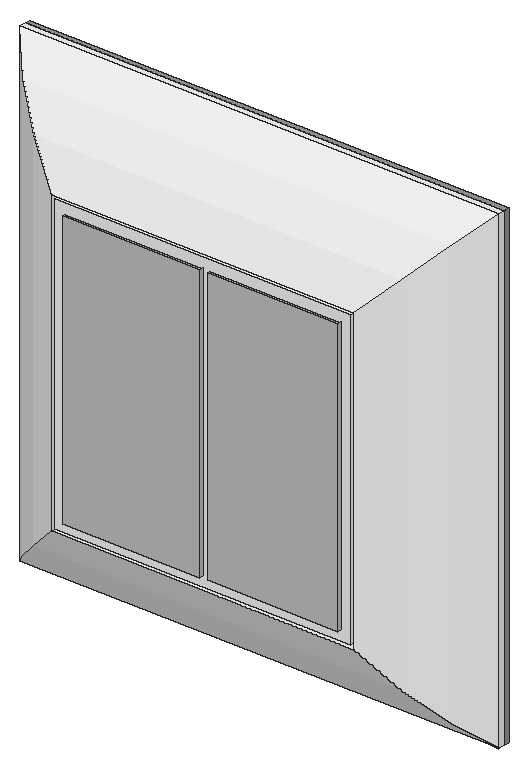
Revit family "Wireless Control Panel _185W", category Electrical Fixtures, Revit 2018
Family settings
  Maintain Annotation Orientation = No
  Round Connector Dimension = Use Diameter
  Part Type = Normal
  OmniClass Number = 23.80.00.00
  OmniClass Title = Electric Power and Lighting
  Work Plane-Based = Yes
  Always vertical = Yes
  Cut with Voids When Loaded = No
  Shared = No
  Room Calculation Point = No
Parameters (values of type "Wireless Control Panel")
  Wiring = "No wiring is required (power or communications"
  Wideband [instance] = "EN 300328"
  Storage temperature [instance] = "−25 °C to +65 °C"
  Safety [instance] = "EN 60950-1"
  SWITCH [instance] = yes
  Relative humidity [instance] = "Max. 95 %, noncondensing (dry environment only)"
  Output power [instance] = "0 dBm"
  Operating temperature [instance] = "−25 °C to +65 °C"
  Mounting = "Adhesive double-sided mounting pad (enclosed) or screwing onto flat surface using ⌀ 3 mm countersunk screws (not included"
  Model = "185W"
  Material = "Plastic, PC"
  Manufacturer = "Helvar"
  Lifetime = "Over 50,000 actuations (button presses) according to EN 60669 / VDE 0632"
  FRONT COVER [instance] = yes
  Electromagnetic [instance] = "EN 62479"
  EMC [instance] = "EN 301489-3\r\nEN 61000-3-2 \r\nEN 61000-3-3"
  Dimensions = "81 mm × 81 mm × 14 mm"
  Default Elevation = 0 mm
  Configuration technology [instance] = "NFC Forum Type 2 Tag (ISO/ IEC 14443 Parts 2 and 3)"
  Communication technology = "Bluetooth® Low Energy (2.4 GHz)"
  Colour = "White (RAL 9016)"
  CHASSIS [instance] = yes
  Antenna [instance] = "Integrated"
Reference planes
  plane 1 "Center (Front/Back)": y = 0
  plane 2: z = 0
  plane 3 "Center (Left/Right)": x = 0
  plane 4: x = -40.5
  plane 5: x = 40.5
  plane 6: z = 40.5
  plane 7: z = -40.5
  plane 8 "Center L/T": y = -14
Forms (mm)
  Sweep 1, solid, material "WHITE PLASTIC", visible <- "FRONT COVER"
    path origin (0, -4, 0) x (1, 0, 0) y (0, 0, 1)
      loop
        line (33, 33) -> (-33, 33) -> (-33, -33) -> (33, -33) -> (33, 33)
    profile origin (0, -4, 33) x (0, 0, -1) y (0, -1, 0)
      loop
        arc (7.5, 10) -> (-0.77, 4.966) -> (-7.5, -1.995) r 37.995
        line (-7.5, -1.995) -> (-7.5, -3.2) -> (7.5, -3.2) -> (7.5, 0) -> (7.5, 10)
  Extrusion 2, solid, material "WHITE PLASTIC"
    sketch origin (0, 0, 0) x (1, 0, 0) y (0, 0, 1)
      loop
        line (24.7, 5.443) -> (23.053, 5.443) -> (23.053, 20.772) -> (20.984, 22.841) -> (8.218, 22.841) -> (8.218, 24.441) -> (6.218, 24.441) -> (6.218, 22.841) -> (2.958, 22.841) -> (2.958, 24.441) -> (-2.958, 24.441) -> (-2.958, 22.841) -> (-6.218, 22.841) -> (-6.218, 24.441) -> (-8.19, 24.441) -> (-8.19, 22.841) -> (-20.984, 22.841) -> (-23.053, 20.772) -> (-23.053, 5.443) -> (-24.7, 5.443) -> (-24.7, -5.443) -> (-23.053, -5.443) -> (-23.053, -20.772) -> (-20.984, -22.841) -> (-8.218, -22.841) -> (-8.218, -24.441) -> (-6.218, -24.441) -> (-6.218, -22.841) -> (-2.958, -22.841) -> (-2.958, -24.441) -> (2.958, -24.441) -> (2.958, -22.841) -> (6.218, -22.841) -> (6.218, -24.441) -> (8.018, -24.441) -> (8.018, -22.841) -> (20.984, -22.841) -> (23.053, -20.772) -> (23.053, -5.443) -> (24.7, -5.443) -> (24.7, 5.443)
      loop
        line (-10.018, 24.341) -> (-21.606, 24.341) -> (-24.553, 21.393) -> (-24.553, 8.443) -> (-26.2, 8.443) -> (-26.2, -8.443) -> (-24.553, -8.443) -> (-24.553, -21.393) -> (-21.606, -24.341) -> (-10.018, -24.341) -> (-10.018, -25.941) -> (10.018, -25.941) -> (10.018, -24.341) -> (21.606, -24.341) -> (24.553, -21.393) -> (24.553, -8.443) -> (26.2, -8.443) -> (26.2, 8.443) -> (24.553, 8.443) -> (24.553, 21.393) -> (21.606, 24.341) -> (10.018, 24.341) -> (10.018, 25.941) -> (-10.018, 25.941) -> (-10.018, 24.341)
    from 0.8 to 11.078
  Extrusion 3, solid, material "STEEL PLATE", visible <- "CHASSIS"
    sketch origin (0, 0, 0) x (1, 0, 0) y (0, 0, 1)
      loop
        line (-40.5, 40.5) -> (-40.5, -40.5) -> (40.5, -40.5) -> (40.5, 40.5) -> (-40.5, 40.5)
      loop
        arc (-35.398, 2.049) -> (-36.189, 2.84) -> (-36.979, 2.049) r 0.791
        line (-36.979, 2.049) -> (-36.979, -2.049)
        arc (-36.979, -2.049) -> (-36.189, -2.84) -> (-35.398, -2.049) r 0.791
        line (-35.398, -2.049) -> (-35.398, 2.049)
      loop
        arc (-35.204, -32.679) -> (-36.322, -32.679) -> (-36.322, -33.798) r 0.791
        line (-36.322, -33.798) -> (-33.424, -36.696)
        arc (-33.424, -36.696) -> (-32.306, -36.696) -> (-32.306, -35.577) r 0.791
        line (-32.306, -35.577) -> (-35.204, -32.679)
      loop
        line (35.398, 2.049) -> (35.398, -2.049)
        arc (35.398, -2.049) -> (36.189, -2.84) -> (36.979, -2.049) r 0.791
        line (36.979, -2.049) -> (36.979, 2.049)
        arc (36.979, 2.049) -> (36.189, 2.84) -> (35.398, 2.049) r 0.791
      loop
        line (35.204, -32.679) -> (32.306, -35.577)
        arc (32.306, -35.577) -> (32.306, -36.696) -> (33.424, -36.696) r 0.791
        line (33.424, -36.696) -> (36.322, -33.798)
        arc (36.322, -33.798) -> (36.322, -32.679) -> (35.204, -32.679) r 0.791
      loop
        line (-35.204, 32.679) -> (-32.306, 35.577)
        arc (-32.306, 35.577) -> (-32.306, 36.696) -> (-33.424, 36.696) r 0.791
        line (-33.424, 36.696) -> (-36.322, 33.798)
        arc (-36.322, 33.798) -> (-36.322, 32.679) -> (-35.204, 32.679) r 0.791
      loop
        arc (35.204, 32.679) -> (36.322, 32.679) -> (36.322, 33.798) r 0.791
        line (36.322, 33.798) -> (33.424, 36.696)
        arc (33.424, 36.696) -> (32.306, 36.696) -> (32.306, 35.577) r 0.791
        line (32.306, 35.577) -> (35.204, 32.679)
      loop
        arc (2.049, -34.878) -> (2.84, -34.087) -> (2.049, -33.296) r 0.791
        line (2.049, -33.296) -> (-2.049, -33.296)
        arc (-2.049, -33.296) -> (-2.84, -34.087) -> (-2.049, -34.878) r 0.791
        line (-2.049, -34.878) -> (2.049, -34.878)
      loop
        line (2.049, 34.878) -> (-2.049, 34.878)
        arc (-2.049, 34.878) -> (-2.84, 34.087) -> (-2.049, 33.296) r 0.791
        line (-2.049, 33.296) -> (2.049, 33.296)
        arc (2.049, 33.296) -> (2.84, 34.087) -> (2.049, 34.878) r 0.791
      loop
        line (-22.02, 25.341) -> (-25.553, 21.807) -> (-25.553, 9.443) -> (-27.2, 9.443) -> (-27.2, -9.443) -> (-25.553, -9.443) -> (-25.553, -21.807) -> (-22.02, -25.341) -> (-11.018, -25.341) -> (-11.018, -27.741) -> (-9.818, -27.741) -> (-9.818, -30.812) -> (-5.018, -30.812) -> (-5.018, -27.741) -> (5.018, -27.741) -> (5.018, -30.812) -> (9.818, -30.812) -> (9.818, -27.741) -> (11.018, -27.741) -> (11.018, -25.341) -> (22.02, -25.341) -> (25.553, -21.807) -> (25.553, -9.443) -> (27.2, -9.443) -> (27.2, 9.443) -> (25.553, 9.443) -> (25.553, 21.807) -> (22.02, 25.341) -> (11.018, 25.341) -> (11.018, 27.741) -> (9.818, 27.741) -> (9.818, 30.812) -> (5.018, 30.812) -> (5.018, 27.741) -> (-5.018, 27.741) -> (-5.018, 30.812) -> (-9.818, 30.812) -> (-9.818, 27.741) -> (-11.018, 27.741) -> (-11.018, 25.341) -> (-22.02, 25.341)
    from 0 to 0.8
  Extrusion 4, solid, material "WHITE PLASTIC", visible <- "SWITCH"
    sketch origin (0, -12.442, 0.625) x (1, 0, 0) y (0, 0, 1)
      loop
        line (-22.253, 4.018) -> (-21.072, 4.018) -> (-21.072, -5.268) -> (-22.253, -5.268) -> (-22.253, -21.065) -> (-20.653, -22.666) -> (-8.033, -22.666) -> (-8.033, -24.666) -> (-6.433, -24.666) -> (-6.433, -22.666) -> (-2.158, -22.666) -> (-2.158, -24.623) -> (2.158, -24.623) -> (2.158, -22.666) -> (6.463, -22.666) -> (6.463, -24.735) -> (8.014, -24.735) -> (8.014, -22.666) -> (20.653, -22.666) -> (22.253, -21.065) -> (22.253, -5.268) -> (21.065, -5.268) -> (21.065, 4.018) -> (22.253, 4.018) -> (22.253, 19.815) -> (20.653, 21.416) -> (8.014, 21.416) -> (8.014, 23.485) -> (6.463, 23.485) -> (6.463, 21.416) -> (2.158, 21.416) -> (2.158, 23.416) -> (-2.158, 23.416) -> (-2.158, 21.416) -> (-6.433, 21.416) -> (-6.433, 23.416) -> (-8.033, 23.416) -> (-8.033, 21.416) -> (-20.653, 21.416) -> (-22.253, 19.815) -> (-22.253, 4.018)
    from -12.285 to 0
  Extrusion 5, solid, material "WHITE PLASTIC(1)", visible <- "SWITCH"
    sketch origin (0, -12.442, 0) x (1, 0, 0) y (0, 0, 1)
      loop
        line (-23.3, 23.253) -> (-23.3, -23.3) -> (-0.025, -23.3) -> (-0.025, 23.253) -> (-23.3, 23.253)
      loop
        line (23.3, 23.253) -> (1.225, 23.253) -> (1.225, -23.3) -> (23.3, -23.3) -> (23.3, 23.253)
    from 0 to 2.142
  Extrusion 6, solid, material "WHITE PLASTIC", not visible
    sketch origin (0, -12.442, 0) x (1, 0, 0) y (0, 0, 1)
      loop
        line (-22.253, 4.018) -> (-21.072, 4.018) -> (-21.072, -5.268) -> (-22.253, -5.268) -> (-22.253, -21.065) -> (-20.653, -22.666) -> (-8.033, -22.666) -> (-8.033, -24.666) -> (-6.433, -24.666) -> (-6.433, -22.666) -> (-2.158, -22.666) -> (-2.158, -24.623) -> (2.158, -24.623) -> (2.158, -22.666) -> (6.463, -22.666) -> (6.463, -24.735) -> (8.014, -24.735) -> (8.014, -22.666) -> (20.653, -22.666) -> (22.253, -21.065) -> (22.253, -5.268) -> (21.065, -5.268) -> (21.065, 4.018) -> (22.253, 4.018) -> (22.253, 19.815) -> (20.653, 21.416) -> (8.014, 21.416) -> (8.014, 23.485) -> (6.463, 23.485) -> (6.463, 21.416) -> (2.158, 21.416) -> (2.158, 23.416) -> (-2.158, 23.416) -> (-2.158, 21.416) -> (-6.433, 21.416) -> (-6.433, 23.416) -> (-8.033, 23.416) -> (-8.033, 21.416) -> (-20.653, 21.416) -> (-22.253, 19.815) -> (-22.253, 4.018)
    from -12.285 to 0
  Extrusion 7, solid, material "WHITE PLASTIC", not visible
    sketch origin (0, -12.442, 0) x (1, 0, 0) y (0, 0, 1)
      loop
        line (-23.3, 23.253) -> (-23.3, -23.3) -> (-0.025, -23.3) -> (-0.025, 23.253) -> (-23.3, 23.253)
      loop
        line (23.3, 23.253) -> (1.225, 23.253) -> (1.225, -23.3) -> (23.3, -23.3) -> (23.3, 23.253)
    from 1.663 to 3.164
  Extrusion 8, solid, material "WHITE PLASTIC", not visible
    sketch origin (-21.065, -17.754, 19.375) x (1, 0, 0) y (0, 1, 0)
      loop
        line (-0.8, 7.433) -> (0, 7.433) -> (0, 9.116) -> (-2.23, 11.809) -> (-1.368, 11.809) -> (-2.879, 13.123) -> (-2.879, 11.339) -> (-0.8, 8.828) -> (-0.8, 7.433)
    from -23.822 to -15.969
  Extrusion 9, solid, material "WHITE PLASTIC"
    sketch origin (-25.5, -13.125, 25.5) x (1, 0, 0) y (0, 1, 0)
      loop
        arc (4.435, 10.227) -> (2.618, 12.045) -> (0.8, 10.227) r 1.818
        line (0.8, 10.227) -> (0.8, 9.355) -> (1.635, 9.355) -> (1.635, 10.227)
        arc (1.635, 10.227) -> (2.635, 11.227) -> (3.635, 10.227) r 1
        line (3.635, 10.227) -> (3.635, 6.879) -> (2.67, 6.879) -> (4.435, 4.748) -> (4.435, 10.227)
    from -29.322 to -21.469
  Extrusion 10, solid, material "WHITE PLASTIC", visible <- "SWITCH"
    sketch origin (21.065, -17.754, 20) x (-1, 0, 0) y (0, -1, 0)
      loop
        arc (0, -8.141) -> (-1.515, -6.626) -> (-3.03, -8.141) r 1.515
        line (-3.03, -8.141) -> (-3.03, -11.339) -> (-3.03, -13.253) -> (-1.368, -11.809) -> (-2.23, -11.809) -> (-2.23, -8.141)
        arc (-2.23, -8.141) -> (-1.515, -7.426) -> (-0.8, -8.141) r 0.715
        line (-0.8, -8.141) -> (-0.8, -9.116) -> (0, -9.116) -> (0, -8.141)
      loop
        line (42.137, -8.141) -> (42.137, -9.116) -> (42.929, -9.116) -> (42.929, -8.141)
        arc (42.929, -8.141) -> (43.644, -7.426) -> (44.359, -8.141) r 0.715
        line (44.359, -8.141) -> (44.359, -11.809) -> (43.497, -11.809) -> (45.159, -13.253) -> (45.159, -11.339) -> (45.159, -8.141)
        arc (45.159, -8.141) -> (43.648, -6.63) -> (42.137, -8.141) r 1.511
    from -23.822 to -15.969
  Extrusion 11, solid, material "WHITE PLASTIC", not visible
    sketch origin (21.065, -17.754, 19.375) x (-1, 0, 0) y (0, -1, 0)
      loop
        line (-0.8, -7.433) -> (-0.8, -8.828) -> (-2.879, -11.339) -> (-2.879, -13.123) -> (-1.368, -11.809) -> (-2.23, -11.809) -> (0, -9.116) -> (0, -7.433) -> (-0.8, -7.433)
    from -23.822 to -15.969
  Extrusion 12, solid, material "WHITE PLASTIC", visible <- "FRONT COVER"
    sketch origin (-25.5, -4, -25.5) x (1, 0, 0) y (0, 1, 0)
      loop
        line (0.5, -8.442) -> (0.5, -10) -> (50.475, -10) -> (50.475, -8.442) -> (0.5, -8.442)
    from 0.5 to 50.5
  Extrusion 13, solid, material "WHITE PLASTIC", not visible
    sketch origin (-25.5, -4, -26.125) x (1, 0, 0) y (0, 1, 0)
      loop
        line (0, -8.442) -> (0, -10) -> (51, -10) -> (51, -8.442) -> (0, -8.442)
    from 0 to 51
  Extrusion 14, solid, material "WHITE PLASTIC"
    sketch origin (25.503, -13.125, 25.5) x (-1, 0, 0) y (0, -1, 0)
      loop
        line (4.435, -10.227) -> (4.435, -4.748) -> (2.67, -6.879) -> (3.635, -6.879) -> (3.635, -10.227)
        arc (3.635, -10.227) -> (2.635, -11.227) -> (1.635, -10.227) r 1
        line (1.635, -10.227) -> (1.635, -9.355) -> (0.803, -9.355) -> (0.803, -10.227)
        arc (0.803, -10.227) -> (2.619, -12.043) -> (4.435, -10.227) r 1.816
    from -29.322 to -21.469
  Extrusion 15, solid, material "WHITE PLASTIC", visible <- "SWITCH", not visible
    sketch origin (0, -12.442, 0.625) x (1, 0, 0) y (0, 0, 1)
      loop
        line (-22.253, 4.018) -> (-21.072, 4.018) -> (-21.072, -5.268) -> (-22.253, -5.268) -> (-22.253, -21.065) -> (-20.653, -22.666) -> (-8.033, -22.666) -> (-8.033, -24.666) -> (-6.433, -24.666) -> (-6.433, -22.666) -> (-2.158, -22.666) -> (-2.158, -24.623) -> (2.158, -24.623) -> (2.158, -22.666) -> (6.463, -22.666) -> (6.463, -24.735) -> (8.014, -24.735) -> (8.014, -22.666) -> (20.653, -22.666) -> (22.253, -21.065) -> (22.253, -5.268) -> (21.065, -5.268) -> (21.065, 4.018) -> (22.253, 4.018) -> (22.253, 19.815) -> (20.653, 21.416) -> (8.014, 21.416) -> (8.014, 23.485) -> (6.463, 23.485) -> (6.463, 21.416) -> (2.158, 21.416) -> (2.158, 23.416) -> (-2.158, 23.416) -> (-2.158, 21.416) -> (-6.433, 21.416) -> (-6.433, 23.416) -> (-8.033, 23.416) -> (-8.033, 21.416) -> (-20.653, 21.416) -> (-22.253, 19.815) -> (-22.253, 4.018)
    from -12.285 to 0
  Extrusion 16, solid, material "WHITE PLASTIC", visible <- "SWITCH", not visible
    sketch origin (0, -12.442, 0) x (1, 0, 0) y (0, 0, 1)
      loop
        line (-23.3, 23.253) -> (-23.3, -23.3) -> (-0.025, -23.3) -> (-0.025, 23.253) -> (-23.3, 23.253)
      loop
        line (23.3, 23.253) -> (1.225, 23.253) -> (1.225, -23.3) -> (23.3, -23.3) -> (23.3, 23.253)
    from 0 to 2.142
  Extrusion 17, solid, material "WHITE PLASTIC", visible <- "SWITCH", not visible
    sketch origin (21.065, -17.754, 20) x (-1, 0, 0) y (0, -1, 0)
      loop
        arc (0, -8.141) -> (-1.515, -6.626) -> (-3.03, -8.141) r 1.515
        line (-3.03, -8.141) -> (-3.03, -11.339) -> (-3.03, -13.253) -> (-1.368, -11.809) -> (-2.23, -11.809) -> (-2.23, -8.141)
        arc (-2.23, -8.141) -> (-1.515, -7.426) -> (-0.8, -8.141) r 0.715
        line (-0.8, -8.141) -> (-0.8, -9.116) -> (0, -9.116) -> (0, -8.141)
      loop
        line (42.137, -8.141) -> (42.137, -9.116) -> (42.929, -9.116) -> (42.929, -8.141)
        arc (42.929, -8.141) -> (43.644, -7.426) -> (44.359, -8.141) r 0.715
        line (44.359, -8.141) -> (44.359, -11.809) -> (43.497, -11.809) -> (45.159, -13.253) -> (45.159, -11.339) -> (45.159, -8.141)
        arc (45.159, -8.141) -> (43.648, -6.63) -> (42.137, -8.141) r 1.511
    from -23.822 to -15.969
  Extrusion 18, solid, material "STEEL PLATE", visible <- "CHASSIS"
    sketch origin (0, -0.8, 0) x (1, 0, 0) y (0, 0, 1)
      loop
        line (10.018, 26.741) -> (-10.018, 26.741) -> (-10.018, 24.341) -> (-21.606, 24.341) -> (-24.553, 21.393) -> (-24.553, 8.443) -> (-26.2, 8.443) -> (-26.2, -8.443) -> (-24.553, -8.443) -> (-24.553, -21.393) -> (-21.606, -24.341) -> (-10.018, -24.341) -> (-10.018, -26.741) -> (10.018, -26.741) -> (10.018, -24.341) -> (21.606, -24.341) -> (24.553, -21.393) -> (24.553, -8.443) -> (26.2, -8.443) -> (26.2, 8.443) -> (24.553, 8.443) -> (24.553, 21.393) -> (21.606, 24.341) -> (10.018, 24.341) -> (10.018, 26.741)
      loop
        line (-11.018, 27.741) -> (-11.018, 25.341) -> (-22.02, 25.341) -> (-25.553, 21.807) -> (-25.553, 9.443) -> (-27.2, 9.443) -> (-27.2, -9.443) -> (-25.553, -9.443) -> (-25.553, -21.807) -> (-22.02, -25.341) -> (-11.018, -25.341) -> (-11.018, -27.741) -> (11.018, -27.741) -> (11.018, -25.341) -> (22.02, -25.341) -> (25.553, -21.807) -> (25.553, -9.443) -> (27.2, -9.443) -> (27.2, 9.443) -> (25.553, 9.443) -> (25.553, 21.807) -> (22.02, 25.341) -> (11.018, 25.341) -> (11.018, 27.741) -> (-11.018, 27.741)
    from 0 to 2.248
  Extrusion 19, solid, material "STEEL PLATE", visible <- "CHASSIS"
    sketch origin (10.018, -0.8, 27.741) x (1, 0, 0) y (0, 1, 0)
      loop
        line (-19.835, 0) -> (-19.835, -10) -> (-0.2, -10) -> (-0.2, 0) -> (-19.835, 0)
      loop
        line (-15.035, -4) -> (-15.035, -7) -> (-5, -7) -> (-5, -4) -> (-15.035, -4)
    from -1.25 to -1
  Extrusion 20, solid, material "STEEL PLATE", visible <- "CHASSIS"
    sketch origin (10.018, -0.8, -25.691) x (1, 0, 0) y (0, 1, 0)
      loop
        line (-19.835, 0) -> (-19.835, -10) -> (-0.2, -10) -> (-0.2, 0) -> (-19.835, 0)
      loop
        line (-15.035, -4) -> (-15.035, -7) -> (-5, -7) -> (-5, -4) -> (-15.035, -4)
    from -1.25 to -1
  Extrusion 21, solid, material "STEEL PLATE", visible <- "CHASSIS"
    sketch origin (9.818, 0, 26.92) x (0, -1, 0) y (0, 0, -1)
      loop
        line (10.8, 0.429) -> (10.8, 1.229) -> (0, 1.229) -> (0, 0.429) -> (0, -3.891) -> (0.8, -3.891) -> (0.8, 0.429) -> (10.8, 0.429)
      loop
        line (10.8, 53.632) -> (0.8, 53.632) -> (0.8, 57.732) -> (0, 57.732) -> (0, 52.832) -> (10.8, 52.832) -> (10.8, 53.632)
    from -4.8 to 0
  Extrusion 22, solid, material "WHITE PLASTIC(1)"
    sketch origin (0, -0.8, 0) x (-1, 0, 0) y (0, 0, 1)
      loop
        line (-10.018, 24.341) -> (-21.606, 24.341) -> (-24.553, 21.393) -> (-24.553, 8.443) -> (-26.2, 8.443) -> (-26.2, -8.443) -> (-24.553, -8.443) -> (-24.553, -21.393) -> (-21.606, -24.341) -> (-10.018, -24.341) -> (-10.018, -25.941) -> (10.018, -25.941) -> (10.018, -24.341) -> (21.606, -24.341) -> (24.553, -21.393) -> (24.553, -8.443) -> (26.2, -8.443) -> (26.2, 8.443) -> (24.553, 8.443) -> (24.553, 21.393) -> (21.606, 24.341) -> (10.018, 24.341) -> (10.018, 25.941) -> (-10.018, 25.941) -> (-10.018, 24.341)
    from 0 to 0.8
  Extrusion 23, solid, material "STEEL PLATE", visible <- "CHASSIS"
    sketch origin (9.818, 0, 26.92) x (0, -1, 0) y (0, 0, -1)
      loop
        line (10.8, 0.429) -> (10.8, 1.229) -> (0, 1.229) -> (0, 0.429) -> (0, -3.891) -> (0.8, -3.891) -> (0.8, 0.429) -> (10.8, 0.429)
      loop
        line (10.8, 53.632) -> (0.8, 53.632) -> (0.8, 57.732) -> (0, 57.732) -> (0, 52.832) -> (10.8, 52.832) -> (10.8, 53.632)
    from -19.635 to -14.835
Dimensions and locks
  equal spacing: plane 5, plane 3 "Center (Left/Right)", plane 4
  plane 5 to plane 4 = 81 mm
  equal spacing: plane 6, plane 2, plane 7
  plane 6 to plane 7 = 81 mm
  plane 8 "Center L/T" to plane 1 "Center (Front/Back)" = 14 mm
  aligned and locked: plane 2 to level
Automatic sketch dimensions
  Extrusion 7 sketch curve to Extrusion 7 sketch curve = 23.275 mm
  Extrusion 7 sketch curve to Extrusion 7 sketch curve = 1.25 mm
  Extrusion 8 sketch curve to Extrusion 8 sketch curve = 0.862 mm
  Extrusion 8 sketch curve to Extrusion 8 sketch curve = 0.65 mm
  Extrusion 8 sketch curve to Extrusion 8 sketch curve = 1.395 mm
  Extrusion 8 sketch curve to Extrusion 8 sketch curve = 0.288 mm
  Extrusion 8 sketch curve to Extrusion 8 sketch curve = 2.511 mm
  Extrusion 8 sketch curve to Extrusion 8 sketch curve = 0.47 mm
  Extrusion 8 sketch curve to Extrusion 8 sketch curve = 1.314 mm
  Extrusion 8 sketch curve to Extrusion 8 sketch curve = 0.568 mm
  Extrusion 8 sketch curve to Extrusion 8 sketch curve = 0.8 mm
  Extrusion 11 sketch curve to Extrusion 11 sketch curve = 0.568 mm
  Extrusion 11 sketch curve to Extrusion 11 sketch curve = 0.8 mm
  Extrusion 6 sketch curve to Extrusion 6 sketch curve = 1.181 mm
  Extrusion 6 sketch curve to Extrusion 6 sketch curve = 1.6 mm  (x9)
  Extrusion 6 sketch curve to Extrusion 6 sketch curve = 12.62 mm
  Extrusion 6 sketch curve to Extrusion 6 sketch curve = 14.22 mm
  Extrusion 6 sketch curve to Extrusion 6 sketch curve = 4.275 mm  (x2)
  Extrusion 6 sketch curve to Extrusion 6 sketch curve = 4.317 mm  (x2)
  Extrusion 6 sketch curve to Extrusion 6 sketch curve = 4.304 mm  (x2)
  Extrusion 6 sketch curve to Extrusion 6 sketch curve = 1.551 mm  (x2)
  Extrusion 6 sketch curve to Extrusion 6 sketch curve = 1.189 mm
  Extrusion 6 sketch curve to Extrusion 6 sketch curve = 15.798 mm  (x4)
  Extrusion 6 sketch curve to Extrusion 6 sketch curve = 9.286 mm  (x2)
  Extrusion 6 sketch curve to Extrusion 6 sketch curve = 0 mm  (x5)
  Extrusion 6 sketch curve to Extrusion 6 sketch curve = 2 mm  (x2)
  Extrusion 13 sketch curve to Extrusion 13 sketch curve = 51 mm
  Extrusion 13 sketch curve to Extrusion 13 sketch curve = 1.558 mm
  Extrusion 6 sketch curve to Extrusion 6 sketch curve = 12.639 mm  (x2)
  Extrusion 6 sketch curve to Extrusion 6 sketch curve = 0.412 mm
  Extrusion 6 sketch curve to Extrusion 6 sketch curve = 0.069 mm
  Extrusion 6 sketch curve to Extrusion 6 sketch curve = 0.112 mm
  Extrusion 6 sketch curve to Extrusion 6 sketch curve = 1.957 mm
  Extrusion 6 sketch curve to Extrusion 6 sketch curve = 2.069 mm  (x2)
  Extrusion 7 sketch curve to Extrusion 7 sketch curve = 22.075 mm
  Extrusion 7 sketch curve to Extrusion 7 sketch curve = 0 mm  (x2)
  Extrusion 7 sketch curve to Extrusion 7 sketch curve = 46.553 mm
  Extrusion 4 sketch curve to Extrusion 4 sketch curve = 1.181 mm
  Extrusion 4 sketch curve to Extrusion 4 sketch curve = 1.6 mm  (x9)
  Extrusion 4 sketch curve to Extrusion 4 sketch curve = 4.304 mm  (x2)
  Extrusion 4 sketch curve to Extrusion 4 sketch curve = 1.551 mm  (x2)
  Extrusion 4 sketch curve to Extrusion 4 sketch curve = 12.639 mm  (x2)
  Extrusion 4 sketch curve to Extrusion 4 sketch curve = 0.412 mm
  Extrusion 4 sketch curve to Extrusion 4 sketch curve = 1.189 mm
  Extrusion 4 sketch curve to Extrusion 4 sketch curve = 15.798 mm  (x4)
  Extrusion 4 sketch curve to Extrusion 4 sketch curve = 0 mm  (x6)
  Extrusion 4 sketch curve to Extrusion 4 sketch curve = 1.957 mm
  Extrusion 4 sketch curve to Extrusion 4 sketch curve = 2 mm  (x3)
  Extrusion 4 sketch curve to Extrusion 4 sketch curve = 2.069 mm  (x2)
  Extrusion 10 sketch curve to Extrusion 10 sketch curve = 0 mm  (x5)
  Extrusion 10 sketch curve to Extrusion 10 sketch curve = 0.004 mm
  Extrusion 10 sketch curve to Extrusion 10 sketch curve = 0.8 mm
  Extrusion 10 sketch curve to Extrusion 10 sketch curve = 0.715 mm
  Extrusion 10 sketch curve to Extrusion 10 sketch curve = 0.862 mm
  Extrusion 10 sketch curve to Extrusion 10 sketch curve = 0.793 mm
  Extrusion 10 sketch curve to Extrusion 10 sketch curve = 0.568 mm
  Extrusion 10 sketch curve to Extrusion 10 sketch curve = 0.719 mm
  Extrusion 10 sketch curve to Extrusion 10 sketch curve = 0.976 mm  (x2)
  Extrusion 10 sketch curve to Extrusion 10 sketch curve = 2.222 mm  (x2)
  Extrusion 10 sketch curve to Extrusion 10 sketch curve = 0.47 mm  (x2)
  Extrusion 10 sketch curve to Extrusion 10 sketch curve = 1.445 mm  (x2)
  Extrusion 4 sketch curve to Extrusion 4 sketch curve = 12.62 mm  (x2)
  Extrusion 4 sketch curve to Extrusion 4 sketch curve = 4.275 mm  (x2)
  Extrusion 4 sketch curve to Extrusion 4 sketch curve = 4.317 mm  (x2)
  Extrusion 4 sketch curve to Extrusion 4 sketch curve = 9.286 mm  (x2)
  Extrusion 5 sketch curve to Extrusion 5 sketch curve = 23.275 mm
  Extrusion 5 sketch curve to Extrusion 5 sketch curve = 1.25 mm
  Extrusion 5 sketch curve to Extrusion 5 sketch curve = 22.075 mm
  Extrusion 5 sketch curve to Extrusion 5 sketch curve = 0 mm  (x2)
  Extrusion 5 sketch curve to Extrusion 5 sketch curve = 46.553 mm
  Extrusion 10 sketch curve to Extrusion 10 sketch curve = 42.137 mm
  Extrusion 10 sketch curve to Extrusion 10 sketch curve = 4.137 mm
  Extrusion 15 sketch curve to Extrusion 15 sketch curve = 1.181 mm
  Extrusion 15 sketch curve to Extrusion 15 sketch curve = 1.6 mm  (x9)
  Extrusion 15 sketch curve to Extrusion 15 sketch curve = 4.304 mm  (x2)
  Extrusion 15 sketch curve to Extrusion 15 sketch curve = 1.551 mm  (x2)
  Extrusion 15 sketch curve to Extrusion 15 sketch curve = 12.639 mm  (x2)
  Extrusion 15 sketch curve to Extrusion 15 sketch curve = 0.412 mm
  Extrusion 15 sketch curve to Extrusion 15 sketch curve = 1.189 mm
  Extrusion 15 sketch curve to Extrusion 15 sketch curve = 15.798 mm  (x4)
  Extrusion 15 sketch curve to Extrusion 15 sketch curve = 0 mm  (x6)
  Extrusion 15 sketch curve to Extrusion 15 sketch curve = 1.957 mm
  Extrusion 15 sketch curve to Extrusion 15 sketch curve = 2 mm  (x3)
  Extrusion 15 sketch curve to Extrusion 15 sketch curve = 2.069 mm  (x2)
  Extrusion 17 sketch curve to Extrusion 17 sketch curve = 0 mm  (x5)
  Extrusion 17 sketch curve to Extrusion 17 sketch curve = 0.004 mm
  Extrusion 17 sketch curve to Extrusion 17 sketch curve = 0.8 mm
  Extrusion 17 sketch curve to Extrusion 17 sketch curve = 0.715 mm
  Extrusion 17 sketch curve to Extrusion 17 sketch curve = 0.862 mm
  Extrusion 17 sketch curve to Extrusion 17 sketch curve = 0.793 mm
  Extrusion 17 sketch curve to Extrusion 17 sketch curve = 0.568 mm
  Extrusion 17 sketch curve to Extrusion 17 sketch curve = 0.719 mm
  Extrusion 17 sketch curve to Extrusion 17 sketch curve = 0.976 mm  (x2)
  Extrusion 17 sketch curve to Extrusion 17 sketch curve = 2.222 mm  (x2)
  Extrusion 17 sketch curve to Extrusion 17 sketch curve = 0.47 mm  (x2)
  Extrusion 17 sketch curve to Extrusion 17 sketch curve = 1.445 mm  (x2)
  Extrusion 15 sketch curve to Extrusion 15 sketch curve = 12.62 mm  (x2)
  Extrusion 15 sketch curve to Extrusion 15 sketch curve = 4.275 mm  (x2)
  Extrusion 15 sketch curve to Extrusion 15 sketch curve = 4.317 mm  (x2)
  Extrusion 15 sketch curve to Extrusion 15 sketch curve = 9.286 mm  (x2)
  Extrusion 16 sketch curve to Extrusion 16 sketch curve = 23.275 mm
  Extrusion 16 sketch curve to Extrusion 16 sketch curve = 1.25 mm
  Extrusion 16 sketch curve to Extrusion 16 sketch curve = 22.075 mm
  Extrusion 16 sketch curve to Extrusion 16 sketch curve = 0 mm  (x2)
  Extrusion 16 sketch curve to Extrusion 16 sketch curve = 46.553 mm
  Extrusion 17 sketch curve to Extrusion 17 sketch curve = 42.137 mm
  Extrusion 17 sketch curve to Extrusion 17 sketch curve = 4.137 mm
  plane 4 to Sweep 1 sketch curve = 7.5 mm
  Sweep 1 sketch curve to plane 5 = 7.5 mm
  plane 7 to Sweep 1 sketch curve = 7.5 mm
  Sweep 1 sketch curve to plane 6 = 7.5 mm
  Sweep 1 sketch curve to profile plane = 0 mm
  profile plane to Sweep 1 sketch curve = 7.5 mm
  Sweep 1 sketch curve to profile plane = 7.5 mm
  Sweep 1 sketch curve to profile plane = 22.958 mm
  Sweep 1 sketch curve to profile plane = 1.995 mm
  Sweep 1 sketch curve to Sweep 1 sketch curve = 3.2 mm
  Sweep 1 sketch curve to profile plane = 24.708 mm
  plane 4 to Extrusion 2 sketch curve = 14.3 mm
  Extrusion 2 sketch curve to Extrusion 2 sketch curve = 1.5 mm  (x8)
  Extrusion 2 sketch curve to Extrusion 2 sketch curve = 1.647 mm  (x5)
  Extrusion 2 sketch curve to Extrusion 2 sketch curve = 1.448 mm  (x2)
  Extrusion 2 sketch curve to Extrusion 2 sketch curve = 0.621 mm  (x8)
  Extrusion 2 sketch curve to plane 3 "Center (Left/Right)" = 10.018 mm  (x2)
  Extrusion 2 sketch curve to Extrusion 2 sketch curve = 1.8 mm  (x3)
  Extrusion 2 sketch curve to Extrusion 2 sketch curve = 1.828 mm
  Extrusion 2 sketch curve to Extrusion 2 sketch curve = 1.972 mm
  Extrusion 2 sketch curve to Extrusion 2 sketch curve = 2 mm  (x3)
  Extrusion 2 sketch curve to plane 3 "Center (Left/Right)" = 2.958 mm  (x2)
  plane 3 "Center (Left/Right)" to Extrusion 2 sketch curve = 2.958 mm  (x2)
  Extrusion 2 sketch curve to Extrusion 2 sketch curve = 3.259 mm  (x2)
  Extrusion 2 sketch curve to Extrusion 2 sketch curve = 10.967 mm  (x2)
  Extrusion 2 sketch curve to level = 5.443 mm  (x2)
  Extrusion 2 sketch curve to plane 5 = 17.447 mm
  Extrusion 2 sketch curve to Extrusion 2 sketch curve = 2.069 mm  (x5)
  Extrusion 2 sketch curve to Extrusion 2 sketch curve = 3 mm  (x4)
  Extrusion 2 sketch curve to Extrusion 2 sketch curve = 12.329 mm  (x4)
  Extrusion 2 sketch curve to Extrusion 2 sketch curve = 0 mm  (x4)
  Extrusion 2 sketch curve to Extrusion 2 sketch curve = 1.6 mm  (x8)
  level to Extrusion 2 sketch curve = 5.443 mm  (x2)
  plane 1 "Center (Front/Back)" to Extrusion 9 sketch curve = 2.898 mm
  plane 4 to Extrusion 9 sketch curve = 15.8 mm
  Extrusion 9 sketch curve to Extrusion 9 sketch curve = 0.835 mm
  Extrusion 9 sketch curve to Extrusion 9 sketch curve = 0.982 mm
  Extrusion 9 sketch curve to Extrusion 9 sketch curve = 0.018 mm
  plane 1 "Center (Front/Back)" to Extrusion 9 sketch curve = 6.246 mm
  Extrusion 9 sketch curve to Extrusion 9 sketch curve = 0.965 mm
  Extrusion 9 sketch curve to Extrusion 9 sketch curve = 2.131 mm
  Extrusion 9 sketch curve to Extrusion 9 sketch curve = 0.872 mm
  Extrusion 9 sketch curve to Extrusion 9 sketch curve = 0 mm
  Sweep 1 to Extrusion 12 sketch curve = 0 mm
  Sweep 1 to Extrusion 12 sketch curve = 0.5 mm
  Extrusion 12 sketch curve to Sweep 1 = 0.525 mm
  Extrusion 12 sketch curve to Sweep 1 = 1.558 mm
  plane 1 "Center (Front/Back)" to Extrusion 14 sketch curve = 2.898 mm
  Extrusion 14 sketch curve to plane 5 = 15.8 mm
  Extrusion 14 sketch curve to Extrusion 14 sketch curve = 0.832 mm
  Extrusion 14 sketch curve to Extrusion 14 sketch curve = 0.984 mm
  Extrusion 14 sketch curve to Extrusion 14 sketch curve = 0.016 mm
  plane 1 "Center (Front/Back)" to Extrusion 14 sketch curve = 6.246 mm
  Extrusion 14 sketch curve to Extrusion 14 sketch curve = 0.965 mm
  Extrusion 14 sketch curve to Extrusion 14 sketch curve = 0 mm
  Extrusion 14 sketch curve to Extrusion 14 sketch curve = 0.872 mm
  Extrusion 14 sketch curve to Extrusion 14 sketch curve = 2.131 mm
  Extrusion 19 sketch curve to Extrusion 18 = 0 mm
  Extrusion 19 sketch curve to Extrusion 18 = 1.2 mm  (x2)
  Extrusion 19 sketch curve to Extrusion 18 = 1.752 mm
  Extrusion 19 sketch curve to Extrusion 18 = 6 mm  (x2)
  Extrusion 19 sketch curve to Extrusion 19 sketch curve = 3 mm  (x2)
  Extrusion 20 sketch curve to plane 8 "Center L/T" = 3.2 mm
  Extrusion 20 sketch curve to plane 3 "Center (Left/Right)" = 9.818 mm
  Extrusion 20 sketch curve to plane 3 "Center (Left/Right)" = 5.018 mm
  plane 3 "Center (Left/Right)" to Extrusion 20 sketch curve = 5.018 mm
  plane 1 "Center (Front/Back)" to Extrusion 20 sketch curve = 0.8 mm
  Extrusion 20 sketch curve to Extrusion 20 sketch curve = 4.8 mm
  Extrusion 20 sketch curve to Extrusion 20 sketch curve = 3 mm  (x2)
  Extrusion 18 sketch curve to Extrusion 18 sketch curve = 0.414 mm  (x8)
  Extrusion 18 sketch curve to Extrusion 18 sketch curve = 1 mm
  Extrusion 22 sketch curve to Extrusion 2 = 0 mm  (x23)
  Extrusion 2 to Extrusion 22 sketch curve = 0 mm  (x5)
  Extrusion 19 to Extrusion 21 sketch curve = 0 mm
  Extrusion 21 sketch curve to Extrusion 19 = 0 mm  (x5)
  Extrusion 21 sketch curve to Extrusion 19 = 0.8 mm
  Extrusion 21 sketch curve to Extrusion 21 sketch curve = 0.8 mm  (x3)
  Extrusion 21 sketch curve to Extrusion 19 = 4.071 mm
  Extrusion 21 sketch curve to Extrusion 21 sketch curve = 51.603 mm
  Extrusion 21 sketch curve to Extrusion 21 sketch curve = 4.1 mm
  Extrusion 18 sketch curve to Extrusion 3 = 0 mm  (x22)
  Extrusion 3 to Extrusion 18 sketch curve = 0 mm  (x6)
  Extrusion 18 sketch curve to Extrusion 3 = 0.647 mm  (x2)
  Extrusion 3 to Extrusion 18 sketch curve = 1 mm  (x13)
  Extrusion 18 sketch curve to Extrusion 3 = 0.2 mm  (x4)
  Extrusion 3 sketch curve to plane 4 = 0 mm
  Extrusion 3 sketch curve to plane 5 = 0 mm
  Extrusion 3 sketch curve to plane 7 = 0 mm
  Extrusion 3 sketch curve to plane 6 = 0 mm
  plane 4 to Extrusion 3 sketch curve = 3.521 mm
  plane 4 to Extrusion 3 sketch curve = 4.178 mm  (x2)
  Extrusion 3 sketch curve to Extrusion 3 sketch curve = 0.791 mm  (x4)
  Extrusion 3 sketch curve to Extrusion 3 sketch curve = 0.559 mm  (x22)
  Extrusion 3 sketch curve to Extrusion 3 sketch curve = 2.898 mm  (x7)
  Extrusion 3 sketch curve to plane 6 = 4.923 mm
  plane 7 to Extrusion 3 sketch curve = 4.923 mm
  Extrusion 3 sketch curve to Extrusion 3 sketch curve = 8.198 mm
  Extrusion 3 sketch curve to Extrusion 3 sketch curve = 1.647 mm  (x3)
  Extrusion 3 sketch curve to Extrusion 3 sketch curve = 3.533 mm  (x7)
  Extrusion 3 sketch curve to plane 3 "Center (Left/Right)" = 11.018 mm
  Extrusion 3 sketch curve to Extrusion 3 sketch curve = 11.002 mm  (x3)
  Extrusion 3 sketch curve to Extrusion 3 sketch curve = 1.2 mm  (x4)
  Extrusion 3 sketch curve to Extrusion 3 sketch curve = 4.8 mm  (x4)
  Extrusion 3 sketch curve to plane 3 "Center (Left/Right)" = 2.049 mm  (x2)
  plane 3 "Center (Left/Right)" to Extrusion 3 sketch curve = 2.049 mm  (x2)
  plane 3 "Center (Left/Right)" to Extrusion 3 sketch curve = 5.018 mm
  Extrusion 3 sketch curve to Extrusion 3 sketch curve = 2.969 mm
  Extrusion 3 sketch curve to plane 5 = 14.947 mm
  Extrusion 3 sketch curve to plane 5 = 8.194 mm  (x2)
  Extrusion 3 sketch curve to plane 6 = 3.804 mm
  plane 7 to Extrusion 3 sketch curve = 3.804 mm
  Extrusion 3 sketch curve to plane 5 = 5.102 mm
  Extrusion 3 sketch curve to Extrusion 3 sketch curve = 1.118 mm  (x2)
  plane 7 to Extrusion 3 sketch curve = 5.622 mm
  Extrusion 3 sketch curve to Extrusion 3 sketch curve = 2.485 mm  (x3)
  Extrusion 3 sketch curve to Extrusion 3 sketch curve = 3.071 mm  (x5)
  Extrusion 3 sketch curve to Extrusion 3 sketch curve = 2.4 mm  (x5)
  Extrusion 3 sketch curve to level = 9.443 mm  (x2)
  Extrusion 3 sketch curve to level = 2.049 mm  (x2)
  level to Extrusion 3 sketch curve = 2.049 mm  (x2)
  level to Extrusion 3 sketch curve = 9.443 mm  (x2)
  Extrusion 3 sketch curve to Extrusion 3 sketch curve = 12.364 mm  (x2)
  Extrusion 3 sketch curve to Extrusion 3 sketch curve = 4.016 mm
  Extrusion 19 to Extrusion 23 sketch curve = 0 mm
  Extrusion 23 sketch curve to Extrusion 19 = 0 mm  (x5)
  Extrusion 23 sketch curve to Extrusion 19 = 0.8 mm  (x2)
  Extrusion 23 sketch curve to Extrusion 19 = 4.071 mm
  Extrusion 23 sketch curve to Extrusion 23 sketch curve = 0.8 mm  (x2)
  Extrusion 23 sketch curve to Extrusion 23 sketch curve = 51.603 mm
  Extrusion 23 sketch curve to Extrusion 23 sketch curve = 4.1 mm
  Extrusion 4 sketch curve to level = 4.643 mm
  plane 4 to Extrusion 4 sketch curve = 18.247 mm
  plane 4 to Extrusion 5 sketch curve = 17.2 mm
  plane 7 to Extrusion 5 sketch curve = 17.2 mm
  plane 1 "Center (Front/Back)" to Extrusion 10 sketch curve = 6.415 mm
  Extrusion 10 sketch curve to plane 5 = 16.406 mm
